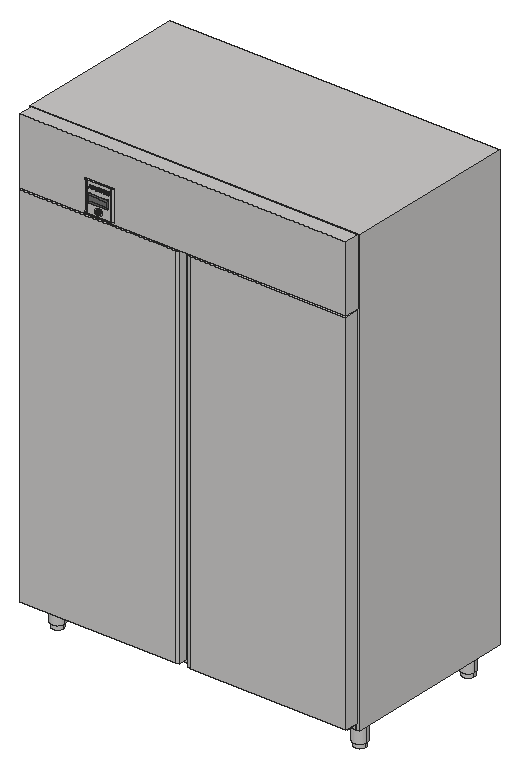
Revit family "QF_ALPENINOX_729640_ARX142FRR", category Specialty Equipment, Revit 2018
Family settings
  Round Connector Dimension = Use Diameter
  Part Type = Normal
  Work Plane-Based = No
  Always vertical = Yes
  Cut with Voids When Loaded = No
  Shared = No
  Room Calculation Point = No
Parameters (values of type "Standard")
  Weight = 165.00 kg
  Watts = 13.9355 W
  Volts = 220 V
  URL Manufacturer = "http://www.alpeninox.com"
  URL = "http://www.alpeninox.com"
  Steam Supply Size = 0 mm
  Steam Supply Minimum Pressure = 0.0 Pa
  Steam Supply Maximum Pressure = 0.0 Pa
  Steam Pounds per Hour = 0
  Refrigeration Suction Line Size = 0.031 mm
  Refrigeration Liquid Line Size = 0.02 mm
  Refrigerant Compressor Remote = yes
  Manufacturer = "Alpeninox"
  Phase = 1
  Model = "ARX142FRR"
  Length Actual = 1441 mm  # constant formula
  Item Number = "729640"
  Hot Water Size = 0 mm
  Height Actual = 2050 mm  # constant formula
  HP = "0.2 HP"
  Gas Size = 0 mm
  Gas KW = 0
  Gas Input Pressure = 0 W
  Description = "2-DOOR REFRIGERATOR 1430L -2+10°C, DIGITAL, A304 - REMOTE"
  Depth Actual = 835 mm  # constant formula
  Cycle = 50 Hz
  Condensate Return Size = 0 mm
  Compressed Air Volume = 0.0 L/s
  Compressed Air Size = 0 mm
  Compressed Air Pressure = 0.0 Pa
  Cold Water Size = 0 mm
  Accessory = yes
Reference planes
  plane 1 "Center (Front/Back)": y = 0
  plane 2: z = 0
  plane 3 "Center (Left/Right)": x = 0
  plane 4 "BASE": z = 110
  plane 5 "TOP": z = 2050
  plane 6 "FRONT": y = -417.5
  plane 7 "BACK": y = 417.5
  plane 8 "LEFT": x = -720.5
  plane 9 "RIGHT": x = 720.5
Forms (mm)
  Extrusion 1, solid, material "QF_Finishes_Stainless Steel"
    sketch origin (0, 0, 0) x (1, 0, 0) y (0, 1, 0)
      loop
        circle (-643.5, 344.5) r 25
      loop
        circle (643.5, 344.5) r 25
      loop
        circle (-660.5, -269.5) r 25
      loop
        circle (660.5, -269.5) r 25
      loop
        circle (0, -121) r 25
    from 0 to 20
  Extrusion 2, solid, material "QF_Finishes_Stainless Steel"
    sketch origin (0, 0, 0) x (1, 0, 0) y (0, 1, 0)
      loop
        circle (-643.5, 344.5) r 30
      loop
        circle (643.5, 344.5) r 30
      loop
        circle (660.5, -269.5) r 30
      loop
        circle (-660.5, -269.5) r 30
      loop
        circle (0, -121) r 30
    from 20 to 110
  Extrusion 3, solid, material "QF_Finishes_Stainless Steel"
    sketch origin (0, 0, 110) x (-1, 0, 0) y (0, -1, 0)
      loop
        line (720.5, -417.5) -> (720.5, 345.5) -> (-720.5, 345.5) -> (-720.5, -417.5) -> (720.5, -417.5)
    from 0 to 1940
  Extrusion 4, solid
    sketch origin (0, 417.5, 1685) x (-1, 0, 0) y (0, 0, 1)
      loop
        circle (704.5, 124) r 10
    from 0 to 3.2
  Extrusion 5, solid, material "QF_Door-Drawer Clearances", detail levels coarse
    sketch origin (0, 0, 110) x (-1, 0, 0) y (0, -1, 0)
      loop
        line (-712.5, 409.5) -> (-648.5, 409.5) -> (-648.5, 1006.5) -> (-666.5, 1006.5) -> (-666.5, 1024.5) -> (-688.5, 1024.5) -> (-688.5, 1062.5) -> (-712.5, 1062.5) -> (-712.5, 409.5)
    from 1642.965 to 28
  Extrusion 6, solid, material "QF_Door-Drawer Clearances", detail levels coarse
    sketch origin (0, 0, 110) x (-1, 0, 0) y (0, -1, 0)
      loop
        line (-648.5, 409.5) -> (0, 409.5)
        arc (0, 409.5) -> (-211.9, 875.546) -> (-688.5, 1062.5) r 681.392
        line (-688.5, 1062.5) -> (-688.5, 1024.5) -> (-666.5, 1024.5) -> (-666.5, 1006.5) -> (-648.5, 1006.5) -> (-648.5, 409.5)
    from 1642.965 to 28
  Extrusion 7, solid, material "QF_Clearances", detail levels coarse
    sketch origin (0, 0, 110) x (-1, 0, 0) y (0, -1, 0)
      loop
        line (720.5, 417.5) -> (720.5, -417.5) -> (-720.5, -417.5) -> (-720.5, 417.5) -> (-740.5, 417.5) -> (-740.5, -447.5) -> (740.5, -447.5) -> (740.5, 417.5) -> (720.5, 417.5)
    from -110 to 1940
  Extrusion 8, solid, material "QF_Clearances", detail levels coarse
    sketch origin (0, 0, 2050) x (-1, 0, 0) y (0, -1, 0)
      loop
        line (740.5, -447.5) -> (740.5, 417.5) -> (-740.5, 417.5) -> (-740.5, -447.5) -> (740.5, -447.5)
    from 0 to 500
  Extrusion 9, void
    sketch origin (0, 417.5, 0) x (-1, 0, 0) y (0, 0, 1)
      loop
        line (645.5, 1724) -> (430, 1724) -> (430, 1695) -> (-430, 1695) -> (-430, 1724) -> (-645.5, 1724) -> (-645.5, 180) -> (-322.75, 170.906) -> (0, 180) -> (322.75, 170.906) -> (645.5, 180) -> (645.5, 1724)
    from -56 to -763
  Extrusion 10, solid, material "QF_Door-Drawer Clearances", detail levels coarse
    sketch origin (0, 0, 110) x (1, 0, 0) y (0, 1, 0)
      loop
        line (-712.5, -409.5) -> (-712.5, -1062.5) -> (-688.5, -1062.5) -> (-688.5, -1024.5) -> (-666.5, -1024.5) -> (-666.5, -1006.5) -> (-648.5, -1006.5) -> (-648.5, -409.5) -> (-712.5, -409.5)
    from 1642.965 to 28
  Extrusion 11, solid, material "QF_Door-Drawer Clearances", detail levels coarse
    sketch origin (0, 0, 110) x (1, 0, 0) y (0, 1, 0)
      loop
        line (-648.5, -409.5) -> (-648.5, -1006.5) -> (-666.5, -1006.5) -> (-666.5, -1024.5) -> (-688.5, -1024.5) -> (-688.5, -1062.5)
        arc (-688.5, -1062.5) -> (-211.9, -875.546) -> (0, -409.5) r 681.392
        line (0, -409.5) -> (-648.5, -409.5)
    from 1642.965 to 28
  Extrusion 12, solid, material "QF_Finishes_Stainless Steel"
    sketch origin (0, 417.5, 0) x (-1, 0, 0) y (0, 0, 1)
      loop
        line (40, 170.62) -> (40, 1695) -> (-40, 1695) -> (-40, 170.62) -> (0, 170) -> (40, 170.62)
    from -723 to -763
  Extrusion 13, solid, material "QF_Finishes_Stainless Steel"
    sketch origin (0, 0, 110) x (-1, 0, 0) y (0, -1, 0)
      loop
        circle (322.75, 254.5) r 7.938
      loop
        circle (-322.75, 254.5) r 7.938
    from 0 to -10
  Extrusion 14, solid, material "QF_Finishes_Stainless Steel"
    sketch origin (0, 0, 2050) x (-1, 0, 0) y (0, -1, 0)
      loop
        circle (255.5, 167.5) r 4.75
    from -34.697 to -139.697
  Extrusion 15, solid, material "QF_Finishes_Stainless Steel"
    sketch origin (-720.5, 0, 0) x (0, 1, 0) y (0, 0, 1)
      loop
        circle (-182.5, 1852.63) r 3
    from 500 to 620
Cuts and joins
  joined: Extrusion 7, Extrusion 8
  Extrusion 9 cuts Extrusion 3
Lines and regions (mm)
  symbolic lines, style "SpecialityEquipmentHiddenLines"
    curve 1: line (712.5, -409.5, 110) -> (712.5, -1062.5, 110)
    curve 2: line (712.5, -1062.5, 110) -> (688.5, -1062.5, 110)
    curve 3: line (648.5, -409.5, 110) -> (648.5, -1006.5, 110)
    curve 4: line (688.5, -1062.5, 110) -> (688.5, -1024.5, 110)
    curve 5: line (688.5, -1024.5, 110) -> (666.5, -1024.5, 110)
    curve 6: line (666.5, -1024.5, 110) -> (666.5, -1006.5, 110)
    curve 7: line (666.5, -1006.5, 110) -> (648.5, -1006.5, 110)
    curve 13: arc (0, -409.5, 110) -> (211.9, -875.546, 110) -> (688.5, -1062.5, 110) r 681.392
    curve 14: line (-712.5, -1062.5, 110) -> (-688.5, -1062.5, 110)
    curve 15: line (-648.5, -409.5, 110) -> (-648.5, -1006.5, 110)
    curve 16: line (-688.5, -1062.5, 110) -> (-688.5, -1024.5, 110)
    curve 17: line (-688.5, -1024.5, 110) -> (-666.5, -1024.5, 110)
    curve 18: line (-666.5, -1024.5, 110) -> (-666.5, -1006.5, 110)
    curve 19: line (-666.5, -1006.5, 110) -> (-648.5, -1006.5, 110)
    curve 20: arc (0, -409.5, 110) -> (-211.9, -875.546, 110) -> (-688.5, -1062.5, 110) r 681.392
    curve 21: line (-712.5, -409.5, 110) -> (-712.5, -1062.5, 110)
  symbolic lines, style "QF_Clearances", detail levels coarse
    curve 8: line (-220.5, -417.5, 2050) -> (-740.5, -417.5, 2050)
    curve 9: line (-740.5, -417.5, 2050) -> (-740.5, 447.5, 2050)
    curve 10: line (-740.5, 447.5, 2050) -> (740.5, 447.5, 2050)
    curve 11: line (740.5, 447.5, 2050) -> (740.5, -417.5, 2050)
    curve 12: line (740.5, -417.5, 2050) -> (720.5, -417.5, 2050)
Dimensions and locks
  equal spacing: plane 7 "BACK", plane 1 "Center (Front/Back)", plane 6 "FRONT"
  equal spacing: plane 8 "LEFT", plane 3 "Center (Left/Right)", plane 9 "RIGHT"
  plane 8 "LEFT" to plane 9 "RIGHT" = 1441 mm
  plane 7 "BACK" to plane 6 "FRONT" = 835 mm
  plane 5 "TOP" to plane 2 = 2050 mm
  aligned and locked: level to plane 2
Automatic sketch dimensions
  Extrusion 1 sketch curve to plane 3 "Center (Left/Right)" = 0 mm
  plane 8 "LEFT" to Extrusion 1 sketch curve = 77 mm
  plane 8 "LEFT" to Extrusion 1 sketch curve = 60 mm
  plane 9 "RIGHT" to Extrusion 1 sketch curve = 77 mm
  plane 9 "RIGHT" to Extrusion 1 sketch curve = 60 mm
  plane 6 "FRONT" to Extrusion 1 sketch curve = 148 mm  (x2)
  plane 1 "Center (Front/Back)" to Extrusion 1 sketch curve = 121 mm
  Extrusion 1 sketch curve to plane 7 "BACK" = 73 mm  (x2)
  Extrusion 2 sketch curve to plane 3 "Center (Left/Right)" = 0 mm
  plane 8 "LEFT" to Extrusion 2 sketch curve = 77 mm
  plane 8 "LEFT" to Extrusion 2 sketch curve = 60 mm
  plane 9 "RIGHT" to Extrusion 2 sketch curve = 77 mm
  plane 9 "RIGHT" to Extrusion 2 sketch curve = 60 mm
  plane 6 "FRONT" to Extrusion 2 sketch curve = 148 mm  (x2)
  plane 1 "Center (Front/Back)" to Extrusion 2 sketch curve = 121 mm
  Extrusion 2 sketch curve to plane 7 "BACK" = 73 mm  (x2)
  Extrusion 3 sketch curve to plane 7 "BACK" = 0 mm
  Extrusion 3 sketch curve to plane 9 "RIGHT" = 0 mm
  Extrusion 3 sketch curve to plane 8 "LEFT" = 0 mm
  plane 6 "FRONT" to Extrusion 3 sketch curve = 72 mm
  plane 8 "LEFT" to Extrusion 4 sketch curve = 16 mm
  Extrusion 4 sketch curve to plane 5 "TOP" = 241 mm
  plane 9 "RIGHT" to Extrusion 5 sketch curve = 8 mm
  plane 9 "RIGHT" to Extrusion 5 sketch curve = 32 mm
  Extrusion 5 sketch curve to Extrusion 5 sketch curve = 22 mm
  plane 6 "FRONT" to Extrusion 5 sketch curve = 8 mm
  Extrusion 5 sketch curve to Extrusion 5 sketch curve = 64 mm
  Extrusion 5 sketch curve to plane 6 "FRONT" = 589 mm
  Extrusion 5 sketch curve to Extrusion 5 sketch curve = 18 mm
  Extrusion 5 sketch curve to Extrusion 5 sketch curve = 38 mm
  Extrusion 6 sketch curve to plane 3 "Center (Left/Right)" = 0 mm
  plane 9 "RIGHT" to Extrusion 6 sketch curve = 72 mm
  Extrusion 6 sketch curve to Extrusion 6 sketch curve = 18 mm  (x2)
  plane 9 "RIGHT" to Extrusion 6 sketch curve = 39.698 mm
  Extrusion 6 sketch curve to Extrusion 6 sketch curve = 22 mm
  plane 6 "FRONT" to Extrusion 6 sketch curve = 36.349 mm
  plane 6 "FRONT" to Extrusion 6 sketch curve = 8 mm
  Extrusion 6 sketch curve to Extrusion 6 sketch curve = 56 mm
  Extrusion 7 sketch curve to plane 6 "FRONT" = 0 mm  (x2)
  Extrusion 7 sketch curve to plane 7 "BACK" = 0 mm
  Extrusion 7 sketch curve to plane 9 "RIGHT" = 0 mm
  Extrusion 7 sketch curve to plane 8 "LEFT" = 0 mm
  Extrusion 7 sketch curve to plane 9 "RIGHT" = 20 mm
  Extrusion 7 sketch curve to Extrusion 7 sketch curve = 20 mm
  plane 7 "BACK" to Extrusion 7 sketch curve = 30 mm
  Extrusion 8 sketch curve to plane 6 "FRONT" = 0 mm
  Extrusion 8 sketch curve to plane 9 "RIGHT" = 20 mm
  Extrusion 8 sketch curve to plane 8 "LEFT" = 20 mm
  plane 7 "BACK" to Extrusion 8 sketch curve = 30 mm
  Extrusion 10 sketch curve to plane 8 "LEFT" = 8 mm
  Extrusion 10 sketch curve to plane 8 "LEFT" = 32 mm
  Extrusion 10 sketch curve to Extrusion 10 sketch curve = 22 mm
  Extrusion 10 sketch curve to plane 6 "FRONT" = 8 mm
  Extrusion 10 sketch curve to Extrusion 10 sketch curve = 64 mm
  plane 6 "FRONT" to Extrusion 10 sketch curve = 589 mm
  Extrusion 10 sketch curve to Extrusion 10 sketch curve = 18 mm
  Extrusion 10 sketch curve to Extrusion 10 sketch curve = 38 mm
  Extrusion 11 sketch curve to plane 3 "Center (Left/Right)" = 0 mm
  Extrusion 11 sketch curve to plane 8 "LEFT" = 72 mm
  Extrusion 11 sketch curve to Extrusion 11 sketch curve = 18 mm  (x2)
  Extrusion 11 sketch curve to plane 8 "LEFT" = 39.698 mm
  Extrusion 11 sketch curve to Extrusion 11 sketch curve = 22 mm
  Extrusion 11 sketch curve to plane 6 "FRONT" = 36.349 mm
  Extrusion 11 sketch curve to plane 6 "FRONT" = 8 mm
  Extrusion 11 sketch curve to Extrusion 11 sketch curve = 56 mm
  Extrusion 12 sketch curve to plane 3 "Center (Left/Right)" = 0 mm
  plane 3 "Center (Left/Right)" to Extrusion 12 sketch curve = 40 mm
  Extrusion 12 sketch curve to plane 3 "Center (Left/Right)" = 40 mm
  plane 4 "BASE" to Extrusion 12 sketch curve = 60 mm
  Extrusion 12 sketch curve to Extrusion 12 sketch curve = 0.62 mm  (x2)
  Extrusion 12 sketch curve to Extrusion 12 sketch curve = 1524.38 mm
  Extrusion 9 sketch curve to plane 3 "Center (Left/Right)" = 0 mm
  plane 4 "BASE" to Extrusion 9 sketch curve = 60.906 mm  (x2)
  plane 3 "Center (Left/Right)" to Extrusion 9 sketch curve = 322.75 mm
  plane 9 "RIGHT" to Extrusion 9 sketch curve = 290.5 mm
  plane 9 "RIGHT" to Extrusion 9 sketch curve = 75 mm
  Extrusion 9 sketch curve to plane 3 "Center (Left/Right)" = 322.75 mm
  plane 8 "LEFT" to Extrusion 9 sketch curve = 290.5 mm
  plane 8 "LEFT" to Extrusion 9 sketch curve = 75 mm
  plane 4 "BASE" to Extrusion 9 sketch curve = 70 mm  (x3)
  Extrusion 9 sketch curve to plane 5 "TOP" = 355 mm
  Extrusion 9 sketch curve to Extrusion 9 sketch curve = 29 mm  (x2)
  plane 3 "Center (Left/Right)" to Extrusion 13 sketch curve = 322.75 mm
  Extrusion 13 sketch curve to plane 3 "Center (Left/Right)" = 322.75 mm
  plane 6 "FRONT" to Extrusion 13 sketch curve = 163 mm  (x2)
  curve 13 to plane 3 "Center (Left/Right)" = 0 mm
  plane 9 "RIGHT" to curve 7 = 72 mm
  curve 5 to curve 3 = 18 mm
  plane 9 "RIGHT" to curve 13 = 39.698 mm
  curve 4 to curve 5 = 22 mm
  plane 9 "RIGHT" to curve 1 = 8 mm
  plane 8 "LEFT" to curve 15 = 72 mm
  curve 15 to curve 18 = 18 mm
  plane 8 "LEFT" to curve 20 = 39.698 mm
  curve 17 to curve 17 = 22 mm
  plane 8 "LEFT" to curve 14 = 8 mm
  plane 6 "FRONT" to curve 20 = 36.349 mm
  plane 6 "FRONT" to curve 13 = 36.349 mm
  curve 6 to plane 6 "FRONT" = 589 mm
  curve 15 to plane 6 "FRONT" = 589 mm
  curve 6 to curve 6 = 18 mm
  curve 18 to curve 16 = 18 mm
  curve 4 to curve 4 = 38 mm
  plane 6 "FRONT" to curve 21 = 8 mm
  plane 6 "FRONT" to curve 15 = 8 mm
  plane 6 "FRONT" to curve 3 = 8 mm
  plane 6 "FRONT" to curve 1 = 8 mm
  plane 1 "Center (Front/Back)" to Extrusion 14 sketch curve = 167.5 mm
  Extrusion 14 sketch curve to plane 3 "Center (Left/Right)" = 255.5 mm
  curve 12 to plane 6 "FRONT" = 0 mm
  curve 12 to plane 9 "RIGHT" = 0 mm
  curve 8 to plane 6 "FRONT" = 0 mm
  curve 11 to curve 12 = 20 mm
  curve 9 to plane 8 "LEFT" = 20 mm
  plane 7 "BACK" to curve 10 = 30 mm
  curve 8 to plane 3 "Center (Left/Right)" = 220.5 mm
  Extrusion 15 sketch curve to plane 5 "TOP" = 197.37 mm
  plane 1 "Center (Front/Back)" to Extrusion 15 sketch curve = 182.5 mm
  radius of Extrusion 1 sketch curve = 25 mm  (x5)
  radius of Extrusion 2 sketch curve = 30 mm  (x5)
  radius of Extrusion 4 sketch curve = 10 mm
  radius of Extrusion 13 sketch curve = 7.938 mm  (x2)
  radius of Extrusion 14 sketch curve = 4.75 mm
  radius of Extrusion 15 sketch curve = 3 mm
Nested families
  nested 1: "QF_729053_Door" at (0, -345.5, 968.365) x (1, 0, 0) z (0, -1, 0), type "QF_729053_Door"
    with Show Clearance yes
  nested 2: "Refrigerator" at (720.5, -417.5, 2050), type "Refrigerator"
Connectors
  electrical at (-704.5, 420.7, 1809), driven by "Volts"
    settings: on Extrusion 4, index 2, voltage 220 V, apparent load 0 VA, apparent load phase1 0 VA, apparent load phase2 0 VA, apparent load phase3 0 VA, power factor 1, load classification "Other", number of poles 1, system type 30, power factor state 1, is connector primary yes, connector utility no, sub classification motor no, connector description "Electrical Connection"
  piping at (322.75, -254.5, 100), diameter 15.875
    settings: on Extrusion 13, index 3, connector inside diameter 609.6 mm, connector length 0 mm, flow factor 0, pipe flow 0.0 L/s, pressure drop 0.0 Pa, fitting loss kfactor 0, connector angle 0.00°, fixture units 0, engagement length 0 mm, angle of deflection 0.00°, flow configuration 1, flow direction 2, fitting loss method 0, system type 16, joint type 0, gender type 0, connector reference index -1, connector utility 0, adjustable connector no, is connector primary yes, connector description "Drain"
  piping at (-322.75, -254.5, 100), diameter 15.875
    settings: on Extrusion 13, index 4, connector inside diameter 609.6 mm, connector length 0 mm, flow factor 0, pipe flow 0.0 L/s, pressure drop 0.0 Pa, fitting loss kfactor 0, connector angle 0.00°, fixture units 0, engagement length 0 mm, angle of deflection 0.00°, flow configuration 1, flow direction 2, fitting loss method 0, system type 16, joint type 0, gender type 0, connector reference index -1, connector utility 0, adjustable connector no, is connector primary no, connector description "Drain"
  piping at (-220.5, -182.5, 1852.63), diameter 6
    settings: on Extrusion 15, index 5, connector inside diameter 609.6 mm, connector length 0 mm, flow factor 0, pipe flow 0.0 L/s, pressure drop 0.0 Pa, fitting loss kfactor 0, connector angle 0.00°, fixture units 0, engagement length 0 mm, angle of deflection 0.00°, flow configuration 1, flow direction 1, fitting loss method 0, system type 7, joint type 0, gender type 0, connector reference index -1, connector utility 0, adjustable connector no, is connector primary no, connector description "Refrigerant Inlet"
  piping at (-255.5, -167.5, 2015.303), diameter 9.5
    settings: on Extrusion 14, index 6, connector inside diameter 609.6 mm, connector length 0 mm, flow factor 0, pipe flow 0.0 L/s, pressure drop 0.0 Pa, fitting loss kfactor 0, connector angle 0.00°, fixture units 0, engagement length 0 mm, angle of deflection 0.00°, flow configuration 1, flow direction 2, fitting loss method 0, system type 8, joint type 0, gender type 0, connector reference index -1, connector utility 0, adjustable connector no, is connector primary no, connector description "Refrigerant Outlet"
Definition of nested family "QF_729053_Door"
  Parameters
    Show Clearance [instance] = yes
    Model = "729050"
    Default Elevation = 1219.2 mm
  Reference planes
    plane 1 "Center (Front/Back)": y = 0
    plane 2: z = 0
    plane 3 "Center (Left/Right)": x = 0
    plane 4 "panel": z = 64
  Forms (mm)
    Extrusion 1, solid
      sketch origin (0, -919.2, 0) x (1, 0, 0) y (0, 1, 0)
        loop
          line (-980.5, 2119.2) -> (-980.5, -162.846) -> (881.94, -162.846) -> (881.94, 2119.2) -> (-980.5, 2119.2)
      from 0 to -59.546
    Extrusion 2, solid
      sketch origin (365.5, 0, 0) x (1, 0, 0) y (0, 0, 1)
        loop
          line (-347, 26) -> (-325, 26) -> (-325, 8) -> (-307, 8) -> (-307, 0) -> (339, 0) -> (339, 8) -> (347, 8) -> (347, 64) -> (-332, 64) -> (-347, 60) -> (-347, 26)
      from -784.6 to 830.4
    Extrusion 3, solid
      sketch origin (484.5, -516.365, 0) x (0, 1, 0) y (0, 0, 1)
        loop
          line (-323.003, 40.312) -> (-316.501, 40.312) -> (-316.501, 42.812) -> (-325.503, 42.812) -> (-325.503, 2.5) -> (-342, 2.5) -> (-342, 0) -> (-323.003, 0) -> (-323.003, 12.259) -> (-323.003, 40.312)
        loop
          line (-314, 38.311) -> (-316.501, 38.311) -> (-316.501, 14.304) -> (-319.752, 14.304) -> (-319.752, 11.804) -> (-314, 11.804) -> (-314, 38.311)
      from 185 to 220
    Extrusion 4, solid
      sketch origin (484.5, 469.597, 0) x (0, 1, 0) y (0, 0, 1)
        loop
          line (315.003, 27.948) -> (315.003, 2.948) -> (315.003, 0) -> (322.003, 0) -> (322.003, 2.5) -> (317.503, 2.5) -> (317.503, 27.948) -> (315.003, 27.948)
      from 185 to 220
    Extrusion 5, solid
      sketch origin (-365.5, 0, 0) x (-1, 0, 0) y (0, 0, -1)
        loop
          line (-1078, -64) -> (347, -64) -> (347, 0) -> (-1078, 0) -> (-1078, -64)
      from -1081.6 to -791.6
    Extrusion 6, solid
      sketch origin (-365.5, 0, 0) x (-1, 0, 0) y (0, 0, -1)
        loop
          line (-347, -26) -> (-347, -60) -> (-332, -64) -> (347, -64) -> (347, -8) -> (339, -8) -> (339, 0) -> (-307, 0) -> (-307, -8) -> (-325, -8) -> (-325, -26) -> (-347, -26)
      from -784.6 to 830.4
    Extrusion 7, solid
      sketch origin (-484.5, -516.365, 0) x (0, 1, 0) y (0, 0, -1)
        loop
          line (-323.003, -40.312) -> (-323.003, -12.259) -> (-323.003, 0) -> (-342, 0) -> (-342, -2.5) -> (-325.503, -2.5) -> (-325.503, -42.812) -> (-316.501, -42.812) -> (-316.501, -40.312) -> (-323.003, -40.312)
        loop
          line (-314, -38.311) -> (-314, -11.804) -> (-319.752, -11.804) -> (-319.752, -14.304) -> (-316.501, -14.304) -> (-316.501, -38.311) -> (-314, -38.311)
      from 185 to 220
    Extrusion 8, solid
      sketch origin (-484.5, 469.597, 0) x (0, 1, 0) y (0, 0, -1)
        loop
          line (315.003, -27.948) -> (317.503, -27.948) -> (317.503, -2.5) -> (322.003, -2.5) -> (322.003, 0) -> (315.003, 0) -> (315.003, -2.948) -> (315.003, -27.948)
      from 185 to 220
  Lines and regions (mm)
    symbolic lines
      curve 1: line (-712.5, 0, 64) -> (712.5, 0, 64)
      curve 2: line (712.5, 0, 0) -> (-712.5, 0, 0)
      curve 3: line (712.5, 0, 64) -> (712.5, 0, 0)
      curve 4: line (704.5, 0, 8) -> (712.5, 0, 8)
      curve 5: line (704.5, 0, 8) -> (704.5, 0, 0)
      curve 6: line (-376.111, 0, 72) -> (-356.111, 0, 72)
      curve 7: line (-376.111, 0, 66) -> (-376.111, 0, 72)
      curve 8: line (-356.111, 0, 72) -> (-356.111, 0, 66)
      curve 9: line (-380.111, 0, 66) -> (-352.111, 0, 66)
      curve 10: line (-380.111, 0, 64) -> (-380.111, 0, 66)
      curve 11: line (-352.111, 0, 66) -> (-352.111, 0, 64)
      curve 12: line (-712.5, 0, 64) -> (-712.5, 0, 0)
      curve 13: line (-704.5, 0, 8) -> (-712.5, 0, 8)
      curve 14: line (-704.5, 0, 8) -> (-704.5, 0, 0)
  Dimensions and locks
    aligned and locked: plane 2 to Extrusion 1
    aligned and locked: level to Extrusion 1
  Nested families
    nested 1: "QF_DisplayStandardCabinets" at (-365.5, 863.6, 64), type "QF_DisplayStandardCabinets"
      with Show Clearance yes
  Definition of nested family "QF_DisplayStandardCabinets"
    Parameters
      Show Clearance [instance] = yes
      Model = ""
      Default Elevation = 0 mm
    Reference planes
      plane 1 "Center (Front/Back)": y = 0
      plane 2: z = 0
      plane 3 "Center (Left/Right)": x = 0
    Forms (mm)
      Extrusion 1, solid
        sketch origin (0, -919.2, 0) x (1, 0, 0) y (0, 1, 0)
          loop
            line (-198.75, 1146.2) -> (-198.75, 709.567) -> (165.741, 709.567) -> (165.741, 1146.2) -> (-198.75, 1146.2)
        from 0 to -59.546
      Extrusion 2, solid
        sketch origin (-59, -44.611, 0) x (0, 1, 0) y (-1, 0, 0)
          loop
            circle (0.611, -59) r 14
        from 5 to 7
      Extrusion 3, solid
        sketch origin (744.635, 320.889, 0) x (0, 1, 0) y (-1, 0, 0)
          loop
            circle (-364.889, 744.635) r 10
          loop
            circle (-364.889, 744.635) r 9
        from 5 to 8
      Extrusion 4, solid
        sketch origin (744.635, 320.889, 0) x (0, 1, 0) y (-1, 0, 0)
          loop
            circle (-364.889, 744.635) r 8.7
        from 5 to 8
      Extrusion 5, void
        sketch origin (744.635, 320.889, 0) x (0, 1, 0) y (-1, 0, 0)
          loop
            line (-372.339, 745.885) -> (-372.339, 743.385) -> (-362.339, 743.385) -> (-362.339, 745.885) -> (-372.339, 745.885)
        from 8.592 to 6.269
      Extrusion 6, solid
        sketch origin (365.5, -639.265, 0) x (1, 0, 0) y (0, 1, 0)
          loop
            line (-406.708, 687.579) -> (-410.067, 678.56)
            arc (-410.067, 678.56) -> (-409.36, 676.922) -> (-407.754, 677.698) r 1.236
            line (-407.754, 677.698) -> (-407.242, 679.273) -> (-402.595, 679.273) -> (-402.091, 677.715)
            arc (-402.091, 677.715) -> (-400.528, 676.963) -> (-399.851, 678.56) r 1.198
            line (-399.851, 678.56) -> (-403.129, 687.579)
            arc (-403.129, 687.579) -> (-404.919, 688.953) -> (-406.708, 687.579) r 1.853
          loop
            line (-404.916, 686.416) -> (-406.523, 681.56) -> (-403.345, 681.56) -> (-404.916, 686.416)
          loop
            arc (-398.643, 678.312) -> (-398.245, 677.351) -> (-397.284, 676.953) r 1.359
            line (-397.284, 676.953) -> (-393.161, 676.953)
            arc (-393.161, 676.953) -> (-392.018, 678.096) -> (-393.161, 679.239) r 1.143
            line (-393.161, 679.239) -> (-396.136, 679.239) -> (-396.136, 687.561)
            arc (-396.136, 687.561) -> (-397.39, 688.814) -> (-398.643, 687.561) r 1.253
            line (-398.643, 687.561) -> (-398.643, 678.312)
          loop
            line (-390.884, 687.462) -> (-390.884, 678.147)
            arc (-390.884, 678.147) -> (-389.631, 676.894) -> (-388.378, 678.147) r 1.253
            line (-388.378, 678.147) -> (-388.378, 680.865) -> (-386.522, 680.865)
            arc (-386.522, 680.865) -> (-383.621, 681.743) -> (-382.37, 684.503) r 3.67
            arc (-382.37, 684.503) -> (-383.616, 687.51) -> (-386.622, 688.755) r 4.252
            line (-386.622, 688.755) -> (-389.59, 688.755)
            arc (-389.59, 688.755) -> (-390.505, 688.376) -> (-390.884, 687.462) r 1.293
          loop
            line (-388.378, 683.051) -> (-386.668, 683.051)
            arc (-386.668, 683.051) -> (-384.911, 684.809) -> (-386.668, 686.566) r 1.757
            line (-386.668, 686.566) -> (-388.378, 686.566) -> (-388.378, 683.051)
          loop
            arc (-372.997, 683.967) -> (-373.735, 685.647) -> (-375.32, 686.572) r 2.967
            arc (-375.32, 686.572) -> (-377.645, 686.062) -> (-378.776, 683.967) r 2.856
            line (-378.776, 683.967) -> (-372.997, 683.967)
          loop
            line (-378.711, 681.639) -> (-372.422, 681.639)
            arc (-372.422, 681.639) -> (-371.296, 681.795) -> (-370.405, 682.5) r 2.158
            arc (-370.405, 682.5) -> (-370.274, 683.259) -> (-370.325, 684.028) r 3.268
            arc (-370.325, 684.028) -> (-372.26, 687.411) -> (-375.88, 688.856) r 5.916
            arc (-375.88, 688.856) -> (-379.952, 687.001) -> (-381.519, 682.809) r 5.846
            arc (-381.519, 682.809) -> (-380.273, 678.983) -> (-376.79, 676.969) r 5.622
            arc (-376.79, 676.969) -> (-374.56, 676.949) -> (-372.422, 677.583) r 7.518
            arc (-372.422, 677.583) -> (-371.453, 678.077) -> (-370.711, 678.873) r 3.135
            arc (-370.711, 678.873) -> (-370.511, 679.705) -> (-370.879, 680.478) r 1.282
            arc (-370.879, 680.478) -> (-371.364, 680.757) -> (-371.924, 680.758) r 1.082
            arc (-371.924, 680.758) -> (-372.298, 680.603) -> (-372.619, 680.356) r 1.55
            arc (-372.619, 680.356) -> (-373.431, 679.807) -> (-374.312, 679.379) r 6.834
            arc (-374.312, 679.379) -> (-377.036, 679.488) -> (-378.711, 681.639) r 3.237
          loop
            line (-368.938, 687.561) -> (-368.938, 678.147)
            arc (-368.938, 678.147) -> (-367.683, 676.892) -> (-366.428, 678.147) r 1.255
            line (-366.428, 678.147) -> (-366.428, 684.375) -> (-361.094, 677.401)
            arc (-361.094, 677.401) -> (-359.669, 676.934) -> (-358.786, 678.147) r 1.275
            line (-358.786, 678.147) -> (-358.786, 687.561)
            arc (-358.786, 687.561) -> (-360.041, 688.815) -> (-361.295, 687.561) r 1.254
            line (-361.295, 687.561) -> (-361.295, 681.251) -> (-366.628, 688.306)
            arc (-366.628, 688.306) -> (-368.054, 688.774) -> (-368.938, 687.561) r 1.275
          loop
            arc (-357.218, 678.147) -> (-355.965, 676.893) -> (-354.711, 678.147) r 1.254
            line (-354.711, 678.147) -> (-354.711, 687.561)
            arc (-354.711, 687.561) -> (-355.965, 688.815) -> (-357.218, 687.561) r 1.254
            line (-357.218, 687.561) -> (-357.218, 678.147)
          loop
            line (-353.142, 687.561) -> (-353.142, 678.147)
            arc (-353.142, 678.147) -> (-351.887, 676.892) -> (-350.632, 678.147) r 1.255
            line (-350.632, 678.147) -> (-350.632, 684.375) -> (-345.298, 677.401)
            arc (-345.298, 677.401) -> (-343.873, 676.934) -> (-342.99, 678.147) r 1.275
            line (-342.99, 678.147) -> (-342.99, 687.561)
            arc (-342.99, 687.561) -> (-344.245, 688.815) -> (-345.499, 687.561) r 1.254
            line (-345.499, 687.561) -> (-345.499, 681.251) -> (-350.832, 688.306)
            arc (-350.832, 688.306) -> (-352.258, 688.774) -> (-353.142, 687.561) r 1.275
          loop
            arc (-341.671, 682.854) -> (-341.019, 679.961) -> (-339.083, 677.715) r 6.12
            arc (-339.083, 677.715) -> (-337.577, 676.985) -> (-335.919, 676.754) r 5.355
            arc (-335.919, 676.754) -> (-334.262, 676.985) -> (-332.756, 677.715) r 5.355
            arc (-332.756, 677.715) -> (-330.82, 679.961) -> (-330.168, 682.854) r 6.12
            arc (-330.168, 682.854) -> (-330.82, 685.746) -> (-332.756, 687.992) r 6.12
            arc (-332.756, 687.992) -> (-334.262, 688.723) -> (-335.919, 688.953) r 5.355
            arc (-335.919, 688.953) -> (-337.577, 688.723) -> (-339.083, 687.992) r 5.355
            arc (-339.083, 687.992) -> (-341.019, 685.746) -> (-341.671, 682.854) r 6.12
          loop
            arc (-339.045, 682.854) -> (-338.787, 681.162) -> (-337.837, 679.739) r 3.945
            arc (-337.837, 679.739) -> (-336.943, 679.217) -> (-335.919, 679.066) r 2.729
            arc (-335.919, 679.066) -> (-334.895, 679.217) -> (-334.001, 679.739) r 2.729
            arc (-334.001, 679.739) -> (-333.051, 681.162) -> (-332.793, 682.854) r 3.945
            arc (-332.793, 682.854) -> (-333.051, 684.545) -> (-334.001, 685.969) r 3.945
            arc (-334.001, 685.969) -> (-334.895, 686.49) -> (-335.919, 686.641) r 2.729
            arc (-335.919, 686.641) -> (-336.943, 686.49) -> (-337.837, 685.969) r 2.729
            arc (-337.837, 685.969) -> (-338.787, 684.545) -> (-339.045, 682.854) r 3.945
          loop
            line (-329.53, 686.914) -> (-326.821, 683.266) -> (-330.133, 678.86)
            arc (-330.133, 678.86) -> (-329.866, 677.098) -> (-328.109, 677.401) r 1.248
            line (-328.109, 677.401) -> (-325.368, 681.18) -> (-322.626, 677.401)
            arc (-322.626, 677.401) -> (-320.87, 677.098) -> (-320.602, 678.86) r 1.248
            line (-320.602, 678.86) -> (-323.915, 683.266) -> (-321.205, 686.914)
            arc (-321.205, 686.914) -> (-321.536, 688.702) -> (-323.295, 688.241) r 1.241
            line (-323.295, 688.241) -> (-325.368, 685.324) -> (-327.441, 688.241)
            arc (-327.441, 688.241) -> (-329.199, 688.702) -> (-329.53, 686.914) r 1.241
        from 2.5 to 4.32
      Extrusion 7, void
        sketch origin (365.5, -639.265, 0) x (1, 0, 0) y (0, 1, 0)
          loop
            line (-406.708, 687.579) -> (-410.067, 678.56)
            arc (-410.067, 678.56) -> (-409.36, 676.922) -> (-407.754, 677.698) r 1.236
            line (-407.754, 677.698) -> (-407.242, 679.273) -> (-402.595, 679.273) -> (-402.091, 677.715)
            arc (-402.091, 677.715) -> (-400.528, 676.963) -> (-399.851, 678.56) r 1.198
            line (-399.851, 678.56) -> (-403.129, 687.579)
            arc (-403.129, 687.579) -> (-404.919, 688.953) -> (-406.708, 687.579) r 1.853
          loop
            line (-404.916, 686.416) -> (-406.523, 681.56) -> (-403.345, 681.56) -> (-404.916, 686.416)
          loop
            arc (-398.643, 678.312) -> (-398.245, 677.351) -> (-397.284, 676.953) r 1.359
            line (-397.284, 676.953) -> (-393.161, 676.953)
            arc (-393.161, 676.953) -> (-392.018, 678.096) -> (-393.161, 679.239) r 1.143
            line (-393.161, 679.239) -> (-396.136, 679.239) -> (-396.136, 687.561)
            arc (-396.136, 687.561) -> (-397.39, 688.814) -> (-398.643, 687.561) r 1.253
            line (-398.643, 687.561) -> (-398.643, 678.312)
          loop
            line (-390.884, 687.462) -> (-390.884, 678.147)
            arc (-390.884, 678.147) -> (-389.631, 676.894) -> (-388.378, 678.147) r 1.253
            line (-388.378, 678.147) -> (-388.378, 680.865) -> (-386.522, 680.865)
            arc (-386.522, 680.865) -> (-383.621, 681.743) -> (-382.37, 684.503) r 3.67
            arc (-382.37, 684.503) -> (-383.616, 687.51) -> (-386.622, 688.755) r 4.252
            line (-386.622, 688.755) -> (-389.59, 688.755)
            arc (-389.59, 688.755) -> (-390.505, 688.376) -> (-390.884, 687.462) r 1.293
          loop
            line (-388.378, 683.051) -> (-386.668, 683.051)
            arc (-386.668, 683.051) -> (-384.911, 684.809) -> (-386.668, 686.566) r 1.757
            line (-386.668, 686.566) -> (-388.378, 686.566) -> (-388.378, 683.051)
          loop
            arc (-372.997, 683.967) -> (-373.735, 685.647) -> (-375.32, 686.572) r 2.967
            arc (-375.32, 686.572) -> (-377.645, 686.062) -> (-378.776, 683.967) r 2.856
            line (-378.776, 683.967) -> (-372.997, 683.967)
          loop
            line (-378.711, 681.639) -> (-372.422, 681.639)
            arc (-372.422, 681.639) -> (-371.296, 681.795) -> (-370.405, 682.5) r 2.158
            arc (-370.405, 682.5) -> (-370.274, 683.259) -> (-370.325, 684.028) r 3.268
            arc (-370.325, 684.028) -> (-372.26, 687.411) -> (-375.88, 688.856) r 5.916
            arc (-375.88, 688.856) -> (-379.952, 687.001) -> (-381.519, 682.809) r 5.846
            arc (-381.519, 682.809) -> (-380.273, 678.983) -> (-376.79, 676.969) r 5.622
            arc (-376.79, 676.969) -> (-374.56, 676.949) -> (-372.422, 677.583) r 7.518
            arc (-372.422, 677.583) -> (-371.453, 678.077) -> (-370.711, 678.873) r 3.135
            arc (-370.711, 678.873) -> (-370.511, 679.705) -> (-370.879, 680.478) r 1.282
            arc (-370.879, 680.478) -> (-371.364, 680.757) -> (-371.924, 680.758) r 1.082
            arc (-371.924, 680.758) -> (-372.298, 680.603) -> (-372.619, 680.356) r 1.55
            arc (-372.619, 680.356) -> (-373.431, 679.807) -> (-374.312, 679.379) r 6.834
            arc (-374.312, 679.379) -> (-377.036, 679.488) -> (-378.711, 681.639) r 3.237
          loop
            line (-368.938, 687.561) -> (-368.938, 678.147)
            arc (-368.938, 678.147) -> (-367.105, 676.314) -> (-365.272, 678.147) r 1.833
            line (-365.272, 678.147) -> (-365.272, 682.863) -> (-361.094, 677.401)
            arc (-361.094, 677.401) -> (-359.669, 676.934) -> (-358.786, 678.147) r 1.275
            line (-358.786, 678.147) -> (-358.786, 687.561)
            arc (-358.786, 687.561) -> (-360.041, 688.815) -> (-361.295, 687.561) r 1.254
            line (-361.295, 687.561) -> (-361.295, 681.251) -> (-366.628, 688.306)
            arc (-366.628, 688.306) -> (-368.054, 688.774) -> (-368.938, 687.561) r 1.275
          loop
            arc (-357.218, 678.147) -> (-355.965, 676.893) -> (-354.711, 678.147) r 1.254
            line (-354.711, 678.147) -> (-354.711, 687.561)
            arc (-354.711, 687.561) -> (-355.965, 688.815) -> (-357.218, 687.561) r 1.254
            line (-357.218, 687.561) -> (-357.218, 678.147)
          loop
            line (-353.142, 687.561) -> (-353.142, 678.147)
            arc (-353.142, 678.147) -> (-351.887, 676.892) -> (-350.632, 678.147) r 1.255
            line (-350.632, 678.147) -> (-350.632, 684.375) -> (-345.298, 677.401)
            arc (-345.298, 677.401) -> (-343.873, 676.934) -> (-342.99, 678.147) r 1.275
            line (-342.99, 678.147) -> (-342.99, 687.561)
            arc (-342.99, 687.561) -> (-344.245, 688.815) -> (-345.499, 687.561) r 1.254
            line (-345.499, 687.561) -> (-345.499, 681.251) -> (-350.832, 688.306)
            arc (-350.832, 688.306) -> (-352.258, 688.774) -> (-353.142, 687.561) r 1.275
          loop
            arc (-341.671, 682.854) -> (-341.019, 679.961) -> (-339.083, 677.715) r 6.12
            arc (-339.083, 677.715) -> (-337.577, 676.985) -> (-335.919, 676.754) r 5.355
            arc (-335.919, 676.754) -> (-334.262, 676.985) -> (-332.756, 677.715) r 5.355
            arc (-332.756, 677.715) -> (-330.82, 679.961) -> (-330.168, 682.854) r 6.12
            arc (-330.168, 682.854) -> (-330.82, 685.746) -> (-332.756, 687.992) r 6.12
            arc (-332.756, 687.992) -> (-334.262, 688.723) -> (-335.919, 688.953) r 5.355
            arc (-335.919, 688.953) -> (-337.577, 688.723) -> (-339.083, 687.992) r 5.355
            arc (-339.083, 687.992) -> (-341.019, 685.746) -> (-341.671, 682.854) r 6.12
          loop
            arc (-339.045, 682.854) -> (-338.787, 681.162) -> (-337.837, 679.739) r 3.945
            arc (-337.837, 679.739) -> (-336.943, 679.217) -> (-335.919, 679.066) r 2.729
            arc (-335.919, 679.066) -> (-334.895, 679.217) -> (-334.001, 679.739) r 2.729
            arc (-334.001, 679.739) -> (-333.051, 681.162) -> (-332.793, 682.854) r 3.945
            arc (-332.793, 682.854) -> (-333.051, 684.545) -> (-334.001, 685.969) r 3.945
            arc (-334.001, 685.969) -> (-334.895, 686.49) -> (-335.919, 686.641) r 2.729
            arc (-335.919, 686.641) -> (-336.943, 686.49) -> (-337.837, 685.969) r 2.729
            arc (-337.837, 685.969) -> (-338.787, 684.545) -> (-339.045, 682.854) r 3.945
          loop
            line (-329.53, 686.914) -> (-326.821, 683.266) -> (-330.133, 678.86)
            arc (-330.133, 678.86) -> (-329.866, 677.098) -> (-328.109, 677.401) r 1.248
            line (-328.109, 677.401) -> (-325.368, 681.18) -> (-322.626, 677.401)
            arc (-322.626, 677.401) -> (-320.87, 677.098) -> (-320.602, 678.86) r 1.248
            line (-320.602, 678.86) -> (-323.915, 683.266) -> (-321.205, 686.914)
            arc (-321.205, 686.914) -> (-321.536, 688.702) -> (-323.295, 688.241) r 1.241
            line (-323.295, 688.241) -> (-325.368, 685.324) -> (-327.441, 688.241)
            arc (-327.441, 688.241) -> (-329.199, 688.702) -> (-329.53, 686.914) r 1.241
        from 4 to 2.2
      Blend 8, solid
        base sketch origin (365.719, -803.635, 0) x (1, 0, 0) y (0, 1, 0)
          loop
            arc (-424.229, 873.635) -> (-428.653, 871.803) -> (-430.485, 867.38) r 6.255
            line (-430.485, 867.38) -> (-430.485, 739.89)
            arc (-430.485, 739.89) -> (-428.653, 735.467) -> (-424.229, 733.635) r 6.255
            line (-424.229, 733.635) -> (-307.728, 733.635)
            arc (-307.728, 733.635) -> (-303.305, 735.467) -> (-301.473, 739.89) r 6.255
            line (-301.473, 739.89) -> (-301.473, 867.38)
            arc (-301.473, 867.38) -> (-303.305, 871.803) -> (-307.728, 873.635) r 6.255
            line (-307.728, 873.635) -> (-424.229, 873.635)
        top sketch origin (365.719, -803.635, 0) x (1, 0, 0) y (0, 1, 0)
          loop
            line (-418.756, 738.326) -> (-313.201, 738.326) -> (-313.201, 868.943) -> (-418.756, 868.943) -> (-418.756, 738.326)
        from 0 to 4
      Extrusion 9, solid
        sketch origin (744.635, 320.889, 0) x (0, 1, 0) y (-1, 0, 0)
          loop
            line (-372.339, 745.885) -> (-372.339, 743.385) -> (-362.339, 743.385) -> (-362.339, 745.885) -> (-372.339, 745.885)
        from 6 to 8
      Extrusion 10, void
        sketch origin (0, 0, 0) x (1, 0, 0) y (0, 1, 0)
          loop
            line (-53.037, 65.309) -> (-53.037, -65.309) -> (52.518, -65.309) -> (52.518, 65.309) -> (-53.037, 65.309)
        from 5 to 2
      Extrusion 11, solid
        sketch origin (0, 0, 0) x (1, 0, 0) y (0, 1, 0)
          loop
            line (-51.473, 63.745) -> (-51.473, -63.745) -> (50.954, -63.745) -> (50.954, 63.745) -> (-51.473, 63.745)
        from 2.2 to 4
      Extrusion 12, solid
        sketch origin (0, -30, 0) x (0, 1, 0) y (0, 0, 1)
          loop
            line (10.404, 4) -> (17.404, 4) -> (17.404, 8)
            arc (17.404, 8) -> (13.868, 7.749) -> (10.404, 7) r 25
            line (10.404, 7) -> (10.404, 4)
          loop
            arc (47.404, 7) -> (43.939, 7.749) -> (40.404, 8) r 25
            line (40.404, 8) -> (40.404, 4) -> (47.404, 4) -> (47.404, 7)
        from 40 to -40
      Extrusion 13, solid
        sketch origin (0, -30, 0) x (1, 0, 0) y (0, 1, 0)
          loop
            line (-40, 40.404) -> (-40, 17.404) -> (40, 17.404) -> (40, 40.404) -> (-40, 40.404)
        from 8 to 4
    Cuts and joins
      Extrusion 5 cuts Extrusion 4
      Extrusion 7 cuts Extrusion 6
      Extrusion 10 cuts Blend 8
      joined: Extrusion 12, Extrusion 13
    Lines and regions (mm)
      Split face 1
        outline origin (-41, 10.404, 8) x (-1, 0, 0) y (0, -1, 0)
          loop
            line (-72.157, 0.05) -> (-72.157, 10.5) -> (-78.157, 10.5) -> (-78.157, 0.05) -> (-72.157, 0.05)
      Split face 2
        outline origin (-50, 10.404, 8) x (-1, 0, 0) y (0, -1, 0)
          loop
            line (-72.157, 0.05) -> (-72.157, 10.5) -> (-78.157, 10.5) -> (-78.157, 0.05) -> (-72.157, 0.05)
      Split face 3
        outline origin (-50, 10.404, 8) x (-1, 0, 0) y (0, -1, 0)
          loop
            line (-72.157, 12.45) -> (-72.157, 22.9) -> (-78.157, 22.9) -> (-78.157, 12.45) -> (-72.157, 12.45)
      Split face 4
        outline origin (-50, 10.404, 8) x (-1, 0, 0) y (0, -1, 0)
          loop
            line (-81.157, 12.45) -> (-81.157, 22.9) -> (-87.157, 22.9) -> (-87.157, 12.45) -> (-81.157, 12.45)
      Split face 5
        outline origin (-50, 10.404, 8) x (-1, 0, 0) y (0, -1, 0)
          loop
            line (-13, 0.1) -> (-13, 22.9) -> (-69, 22.9) -> (-69, 0.1) -> (-13, 0.1)
      symbolic lines
        curve 1: line (52.518, 0, 4) -> (-53.037, 0, 4)
        curve 2: line (40, 0, 4) -> (40, 0, 8)
        curve 3: line (40, 0, 8) -> (-40, 0, 8)
        curve 4: line (-40, 0, 8) -> (-40, 0, 4)
        curve 5: line (-64.765, 0, 0) -> (-53.037, 0, 4)
        curve 6: line (52.518, 0, 4) -> (64.135, 0, 0)
    Dimensions and locks
      aligned and locked: plane 2 to Extrusion 1
      aligned and locked: level to Extrusion 1
Definition of nested family "Refrigerator"
  Reference planes
    plane 1 "Center (Front/Back)": y = 0
    plane 2: z = 0
    plane 3 "Center (Left/Right)": x = 0
  Lines and regions (mm)
    detail lines, in view "Ref. Level"
      curve 1: spline (-500, 190, 0) -> (-493.185, 166.706, 0) -> (-473.205, 145, 0) -> (-441.421, 126.36, 0) -> (-400, 112.058, 0) -> (-351.764, 103.067, 0) -> (-300, 100, 0) -> (-248.236, 103.067, 0) -> (-200, 112.058, 0) -> (-158.579, 126.36, 0) -> (-126.795, 145, 0) -> (-106.815, 166.706, 0) -> (-100, 190, 0) -> (-106.815, 213.294, 0) -> (-126.795, 235, 0) -> (-158.579, 253.64, 0) -> (-200, 267.942, 0) -> (-248.236, 276.933, 0) -> (-300, 280, 0) -> (-351.764, 276.933, 0) -> (-400, 267.942, 0) -> (-441.421, 253.64, 0) -> (-473.205, 235, 0) -> (-493.185, 213.294, 0) -> (-500, 190, 0)
      curve 2: line (-300, 130, 0) -> (-300, 250, 0)
      curve 3: line (-351.962, 220, 0) -> (-248.038, 160, 0)
      curve 4: line (-351.962, 160, 0) -> (-248.038, 220, 0)
      curve 5: line (-280.884, 246.873, 0) -> (-300, 225, 0)
      curve 6: line (-300, 225, 0) -> (-319.116, 246.873, 0)
      curve 7: line (-330.311, 207.5, 0) -> (-339.696, 234.992, 0)
      curve 8: line (-358.812, 201.882, 0) -> (-330.311, 207.5, 0)
      curve 9: line (-330.311, 172.5, 0) -> (-358.812, 178.118, 0)
      curve 10: line (-339.696, 145.008, 0) -> (-330.311, 172.5, 0)
      curve 11: line (-300, 155, 0) -> (-319.116, 133.127, 0)
      curve 12: line (-280.884, 133.127, 0) -> (-300, 155, 0)
      curve 13: line (-269.689, 172.5, 0) -> (-260.304, 145.008, 0)
      curve 14: line (-241.188, 178.118, 0) -> (-269.689, 172.5, 0)
      curve 15: line (-269.689, 207.5, 0) -> (-241.188, 201.882, 0)
      curve 16: line (-260.304, 234.992, 0) -> (-269.689, 207.5, 0)
